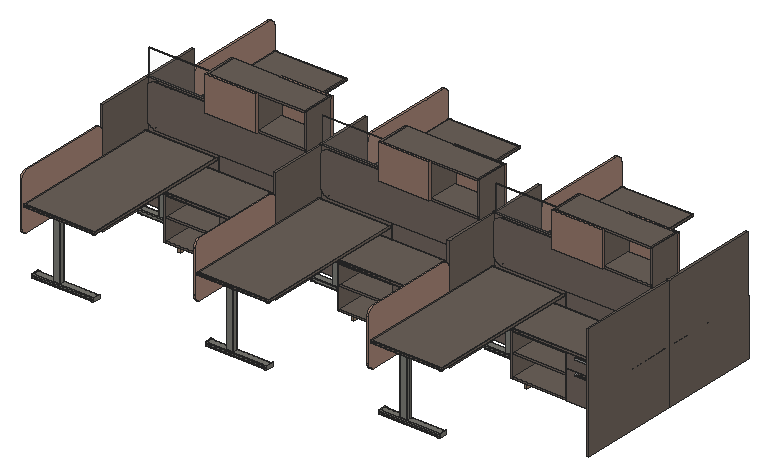
Revit family "T200210", category Furniture, Revit 2018 (continued)
Definition of nested family "STAKS OFFSET ELECTRIC ADJUSTABLE HEIGHT BASE Rectangular"
  Automatic sketch dimensions
    Extrusion 7 sketch curve to Extrusion 7 sketch curve = 0' - 0 1/8"  (x2)
    Extrusion 7 sketch curve to plane 13 = 0' - 0 1/8"
    plane 17 to Extrusion 7 sketch curve = 0' - 0 1/4"  (x2)
    plane 17 to Extrusion 7 sketch curve = 0' - 0 1/8"
    Extrusion 8 sketch curve to plane 25 = 0' - 0 1/8"
    plane 19 to Extrusion 8 sketch curve = 0' - 0 1/2"
    plane 4 "H LEG TOP" to Extrusion 8 sketch curve = 0' - 0 1/8"
    plane 4 "H LEG TOP" to Extrusion 9 sketch curve = 0' - 0"
    Extrusion 9 sketch curve to plane 23 = 0' - 0"
    Extrusion 9 sketch curve to plane 21 = 0' - 0"
    plane 4 "H LEG TOP" to Extrusion 9 sketch curve = 0' - 0 1/8"
    Extrusion 9 sketch curve to plane 21 = 0' - 0 1/8"
    plane 19 to Extrusion 9 sketch curve = 0' - 0 1/2"
    plane 4 "H LEG TOP" to Extrusion 10 sketch curve = 0' - 0"
    Extrusion 10 sketch curve to plane 24 = 0' - 0"
    Extrusion 10 sketch curve to plane 22 = 0' - 0"
    plane 19 to Extrusion 10 sketch curve = 0' - 0 1/2"
    Extrusion 10 sketch curve to plane 22 = 0' - 0 1/8"
    plane 4 "H LEG TOP" to Extrusion 10 sketch curve = 0' - 0 1/8"
    Extrusion 11 sketch curve to plane 3 "Center (Left/Right)" = 0' - 0"
    Extrusion 11 sketch curve to plane 11 = 0' - 0"
    Extrusion 11 sketch curve to plane 5 = 0' - 0"
    Extrusion 11 sketch curve to plane 10 = 0' - 0"
    Extrusion 12 sketch curve to plane 11 = 0' - 0"
    Extrusion 12 sketch curve to plane 3 "Center (Left/Right)" = 0' - 0"
    Extrusion 12 sketch curve to plane 5 = 0' - 0"
    Extrusion 12 sketch curve to plane 10 = 0' - 0"
    Extrusion 12 sketch curve to plane 5 = 0' - 0 1/4"
    plane 11 to Extrusion 12 sketch curve = 0' - 0 1/4"
    Extrusion 12 sketch curve to plane 10 = 0' - 0 1/4"  (x2)
Definition of nested family "STAKS WORKSURFACE EDGE MODESTY TFL WOOD GRAIN AND TFL SOLID COLORS Round Corners"
  Parameters (values of type "STAKS WORKSURFACE EDGE MODESTY TFL WOOD GRAIN AND TFL SOLID COLORS 24 Round Corners")
    Width = 2' - 0"
    URL = "http://www.ofs.com/"
    Model = "6-WEMKS-24/23.75"
    Manufacturer = "OFS"
    Height From Floor = 1' - 11 3/4"
    Height = 1' - 11 3/4"
    Description = "OFS STAKS WORKSURFACE EDGE MODESTY TFL WOOD GRAIN AND TFL SOLID COLORS 24\" Round Corners, Provides Privacy in the Open Plan or Private Office"
    Depth = 0' - 0 3/4"
    Copyright © = "© 2018 OFS"
    Catalog = "https://ofs.com/products/casegoods/private-office/staks"
    Panel Material = none
    Authoring Version = "Autodesk Revit Architecture 2013"
    Assembly Code = "E2020200"
  Types (9): name | Width | Model | Description
    STAKS WORKSURFACE EDGE MODESTY TFL WOOD GRAIN AND TFL SOLID COLORS 24 Round Corners | 2' - 0" | "6-WEMKS-24/23.75" | "OFS STAKS WORKSURFACE EDGE MODESTY TFL WOOD GRAIN AND TFL SOLID COLORS 24\" Round Corners, Provides Privacy in the Open Plan or Private Office"
    STAKS WORKSURFACE EDGE MODESTY TFL WOOD GRAIN AND TFL SOLID COLORS 30 Round Corners | 2' - 6" | "6-WEMKS-30/23.75" | "OFS STAKS WORKSURFACE EDGE MODESTY TFL WOOD GRAIN AND TFL SOLID COLORS 30\" Round Corners, Provides Privacy in the Open Plan or Private Office"
    STAKS WORKSURFACE EDGE MODESTY TFL WOOD GRAIN AND TFL SOLID COLORS 36 Round Corners | 3' - 0" | "6-WEMKS-36/23.75" | "OFS STAKS WORKSURFACE EDGE MODESTY TFL WOOD GRAIN AND TFL SOLID COLORS 36\" Round Corners, Provides Privacy in the Open Plan or Private Office"
    STAKS WORKSURFACE EDGE MODESTY TFL WOOD GRAIN AND TFL SOLID COLORS 42 Round Corners | 3' - 6" | "6-WEMKS-42/23.75" | "OFS STAKS WORKSURFACE EDGE MODESTY TFL WOOD GRAIN AND TFL SOLID COLORS 42\" Round Corners, Provides Privacy in the Open Plan or Private Office"
    STAKS WORKSURFACE EDGE MODESTY TFL WOOD GRAIN AND TFL SOLID COLORS 48 Round Corners | 4' - 0" | "6-WEMKS-48/23.75" | "OFS STAKS WORKSURFACE EDGE MODESTY TFL WOOD GRAIN AND TFL SOLID COLORS 48\" Round Corners, Provides Privacy in the Open Plan or Private Office"
    STAKS WORKSURFACE EDGE MODESTY TFL WOOD GRAIN AND TFL SOLID COLORS 54 Round Corners | 4' - 6" | "6-WEMKS-54/23.75" | "OFS STAKS WORKSURFACE EDGE MODESTY TFL WOOD GRAIN AND TFL SOLID COLORS 54\" Round Corners, Provides Privacy in the Open Plan or Private Office"
    STAKS WORKSURFACE EDGE MODESTY TFL WOOD GRAIN AND TFL SOLID COLORS 60 Round Corners | 5' - 0" | "6-WEMKS-60/23.75" | "OFS STAKS WORKSURFACE EDGE MODESTY TFL WOOD GRAIN AND TFL SOLID COLORS 60\" Round Corners, Provides Privacy in the Open Plan or Private Office"
    STAKS WORKSURFACE EDGE MODESTY TFL WOOD GRAIN AND TFL SOLID COLORS 66 Round Corners | 5' - 6" | "6-WEMKS-66/23.75" | "OFS STAKS WORKSURFACE EDGE MODESTY TFL WOOD GRAIN AND TFL SOLID COLORS 66\" Round Corners, Provides Privacy in the Open Plan or Private Office"
    STAKS WORKSURFACE EDGE MODESTY TFL WOOD GRAIN AND TFL SOLID COLORS 72 Round Corners | 6' - 0" | "6-WEMKS-72/23.75" | "OFS STAKS WORKSURFACE EDGE MODESTY TFL WOOD GRAIN AND TFL SOLID COLORS 72\" Round Corners, Provides Privacy in the Open Plan or Private Office"
  Reference planes (in)
    plane 1: z = 0
    plane 2 "Center (Front/Back)": y = 2.37535
    plane 3 "LEFT": x = -28.5
    plane 4 "BASE TOP": z = 23.75
    plane 5 "RIGHT": x = -4.5
    plane 6: z = 0
    plane 7: y = 2.75035
    plane 8 "CENTER": x = -16.5
    plane 9: y = 2.00035
  Forms (in)
    Extrusion 1, solid, material <- "Panel Material"
      sketch origin (0, 2.37535, 0) x (1, 0, 0) y (0, 0, 1)
        loop
          arc (-25.5, 23.75) -> (-27.62132, 22.87132) -> (-28.5, 20.75) r 3
          line (-28.5, 20.75) -> (-28.5, 3)
          arc (-28.5, 3) -> (-27.62132, 0.87868) -> (-25.5, 0) r 3
          line (-25.5, 0) -> (-7.5, 0)
          arc (-7.5, 0) -> (-5.37868, 0.87868) -> (-4.5, 3) r 3
          line (-4.5, 3) -> (-4.5, 20.75)
          arc (-4.5, 20.75) -> (-5.37868, 22.87132) -> (-7.5, 23.75) r 3
          line (-7.5, 23.75) -> (-25.5, 23.75)
      from -0.375 to 0.375
  Dimensions and locks (in)
    "Height From Floor": plane 4 "BASE TOP" to plane 1
    "Height": plane 4 "BASE TOP" to plane 6
    equal spacing: plane 3 "LEFT", plane 8 "CENTER", plane 5 "RIGHT"
    equal spacing: plane 9, plane 2 "Center (Front/Back)", plane 7
    "Width": plane 3 "LEFT" to plane 5 "RIGHT"
    "Depth": plane 9 to plane 7
    aligned and locked: level to plane 1
    aligned and locked: Extrusion 1 sketch curve to plane 4 "BASE TOP"
    aligned and locked: plane 3 "LEFT" to Extrusion 1 sketch curve
    aligned and locked: Extrusion 1 sketch curve to plane 5 "RIGHT"
    aligned and locked: Extrusion 1 to plane 6
    aligned and locked: Extrusion 1 to plane 7
    aligned and locked: Extrusion 1 to plane 9
  Automatic sketch dimensions
    plane 3 "LEFT" to Extrusion 1 sketch curve = 0' - 3"  (x2)
    Extrusion 1 sketch curve to level = 0' - 0"
    Extrusion 1 sketch curve to plane 5 "RIGHT" = 0' - 3"  (x2)
Definition of nested family "STAKS BENCHING CANTILEVER WORKSURFACE BRACKET - OPEN"
  Parameters (values of type "STAKS CANTILEVER WORKSURFACE BRACKET - OPEN 36in")
    Width = 0' - 1 1/2"
    URL = "http://www.ofs.com/"
    Model = "OWSBKT36"
    Manufacturer = "OFS"
    Height From Floor = 2' - 3 7/8"
    Height = 0' - 7"
    Description = "OFS STAKS BENCHING CANTILEVER WORKSURFACE BRACKET - Open Cantilever Worksurface Bracket for 36\"W Top"
    Depth = 2' - 4"
    Copyright © = "© 2018 OFS"
    Catalog = "https://ofs.com/products/open-plan/benching/staks"
    Bracket Material = none
    Authoring Version = "Autodesk Revit Architecture 2013"
    Assembly Code = "E2020200"
    Alpha = 0' - 1"
  Types (4): name | URL | Model | Manufacturer | Description | Depth | Copyright © | Catalog | Alpha
    CANTILEVER WORKSURFACE BRACKET - OPEN 14in | "http://www.ofsbrands.com/" | "OWSBKT14" | "FIRST OFFICE" | "OFS BRANDS FIRST OFFICE STAKS BENCHING CANTILEVER WORKSURFACE BRACKET - Open Cantilever Worksurface Bracket for 14\"W Top" | 0' - 11" | "© 2018 OFS BRANDS" | "http://www.firstoffice.com/products/crossover/staks_benching/" | 0' - 0 1/2"
    CANTILEVER WORKSURFACE BRACKET - OPEN 22in | "http://www.ofsbrands.com/" | "OWSBKT22" | "FIRST OFFICE" | "OFS BRANDS FIRST OFFICE STAKS BENCHING CANTILEVER WORKSURFACE BRACKET - Open Cantilever Worksurface Bracket for 22\"W Top" | 1' - 4" | "© 2018 OFS BRANDS" | "http://www.firstoffice.com/products/crossover/staks_benching/" | 0' - 0 5/8"
    CANTILEVER WORKSURFACE BRACKET - OPEN 30in | "http://www.ofsbrands.com/" | "OWSBKT30" | "FIRST OFFICE" | "OFS BRANDS FIRST OFFICE STAKS BENCHING CANTILEVER WORKSURFACE BRACKET - Open Cantilever Worksurface Bracket for 30\"W Top" | 1' - 10" | "© 2018 OFS BRANDS" | "http://www.firstoffice.com/products/crossover/staks_benching/" | 0' - 0 7/8"
    STAKS CANTILEVER WORKSURFACE BRACKET - OPEN 36in | "http://www.ofs.com/" | "OWSBKT36" | "OFS" | "OFS STAKS BENCHING CANTILEVER WORKSURFACE BRACKET - Open Cantilever Worksurface Bracket for 36\"W Top" | 2' - 4" | "© 2018 OFS" | "https://ofs.com/products/open-plan/benching/staks" | 0' - 1"
  Reference planes (in)
    plane 1: z = 0
    plane 2 "Center (Front/Back)": y = -11.12465
    plane 3 "LEFT": x = -17.25
    plane 4 "BASE TOP": z = 27.875
    plane 5 "RIGHT": x = -15.75
    plane 6: z = 20.875
    plane 7: y = 2.87535
    plane 8 "CENTER": x = -16.5
    plane 9: y = -25.12465
    plane 10: z = 25.875
    plane 11: y = 0.87535
    plane 12: z = 21.375
    plane 13: y = -24.62465
    plane 14: x = -16.375
    plane 15: x = -16.625
    plane 16: y = -23.62465
  Forms (in)
    Extrusion 1, solid, material <- "Bracket Material"
      sketch origin (-16.5, 0, 0) x (0, 1, 0) y (0, 0, 1)
        loop
          line (-25.12465, 27.875) -> (-25.12465, 27.82031) -> (0.8527, 27.82031) -> (2.82066, 25.85235) -> (2.82066, 20.875) -> (2.87535, 20.875) -> (2.87535, 25.875) -> (0.87535, 27.875) -> (-25.12465, 27.875)
      from -0.75 to 0.75
    Extrusion 2, solid
      sketch origin (-16.5, 0, 0) x (0, 1, 0) y (0, 0, 1)
        loop
          line (2.82066, 21.375) -> (2.82066, 21.66876) -> (-23.62465, 27.82031) -> (-24.62465, 27.82031) -> (2.82066, 21.375)
      from -0.125 to 0.125
    Extrusion 3, void
      sketch origin (0, -11.12465, 0) x (1, 0, 0) y (0, 0, 1)
        loop
          circle (-16.99183, 23.37543) r 0.09375
        loop
          circle (-16.99183, 25.56923) r 0.09375
        loop
          circle (-16.99183, 21.18077) r 0.09375
        loop
          line (-16.10192, 24.58008) -> (-16.10192, 24.41381)
          arc (-16.10192, 24.41381) -> (-16.00817, 24.32006) -> (-15.91442, 24.41381) r 0.09375
          line (-15.91442, 24.41381) -> (-15.91442, 24.58008)
          arc (-15.91442, 24.58008) -> (-16.00817, 24.67383) -> (-16.10192, 24.58008) r 0.09375
        loop
          arc (-16.10192, 22.16992) -> (-16.00817, 22.07617) -> (-15.91442, 22.16992) r 0.09375
          line (-15.91442, 22.16992) -> (-15.91442, 22.33619)
          arc (-15.91442, 22.33619) -> (-16.00817, 22.42994) -> (-16.10192, 22.33619) r 0.09375
          line (-16.10192, 22.33619) -> (-16.10192, 22.16992)
      from -14 to -3.47735
    Extrusion 4, void
      sketch origin (0, 0, 0) x (1, 0, 0) y (0, 1, 0)
        loop
          circle (-16.93617, 0.25038) r 0.09375
        loop
          circle (-16.06383, -1.74962) r 0.09375
        loop
          circle (-16.93617, -3.74962) r 0.09375
        loop
          circle (-16.06383, -5.74962) r 0.09375
        loop
          circle (-16.93617, -7.74962) r 0.09375
        loop
          circle (-16.06383, -9.74962) r 0.09375
        loop
          circle (-16.93617, -11.74962) r 0.09375
        loop
          circle (-16.06383, -13.74962) r 0.09375
        loop
          circle (-16.93617, -15.74962) r 0.09375
        loop
          circle (-16.06383, -17.74962) r 0.09375
        loop
          circle (-16.93617, -19.74962) r 0.09375
        loop
          circle (-16.06383, -21.74962) r 0.09375
        loop
          circle (-16.93617, -23.74962) r 0.09375
        loop
          circle (-16.06383, -25.74962) r 0.09375
        loop
          circle (-16.93617, -27.74962) r 0.09375
        loop
          circle (-16.06383, -29.74962) r 0.09375
      from 25.0365 to 29.23009
    Extrusion 5, void, not visible
      sketch origin (0, 0, 0) x (1, 0, 0) y (0, 1, 0)
        loop
          circle (-16.93617, 0.25038) r 0.09375
        loop
          circle (-16.06383, -1.74962) r 0.09375
        loop
          circle (-16.93617, -3.74962) r 0.09375
        loop
          circle (-16.06383, -5.74962) r 0.09375
        loop
          circle (-16.93617, -7.74962) r 0.09375
        loop
          circle (-16.06383, -9.74962) r 0.09375
        loop
          circle (-16.93617, -11.74962) r 0.09375
        loop
          circle (-16.06383, -13.74962) r 0.09375
        loop
          circle (-16.93617, -15.74962) r 0.09375
        loop
          circle (-16.06383, -17.74962) r 0.09375
        loop
          circle (-16.93617, -19.74962) r 0.09375
        loop
          circle (-16.06383, -21.74962) r 0.09375
        loop
          circle (-16.93617, -23.74962) r 0.09375
        loop
          circle (-16.06383, -25.74962) r 0.09375
        loop
          circle (-16.93617, -27.74962) r 0.09375
        loop
          circle (-16.06383, -29.74962) r 0.09375
      from 25.0365 to 29.23009
  Cuts and joins
    Extrusion 3, Extrusion 4 cuts Extrusion 1
  Dimensions and locks (in)
    "Height From Floor": plane 4 "BASE TOP" to plane 1
    "Height": plane 4 "BASE TOP" to plane 6
    equal spacing: plane 3 "LEFT", plane 8 "CENTER", plane 5 "RIGHT"
    equal spacing: plane 9, plane 2 "Center (Front/Back)", plane 7
    "Width": plane 3 "LEFT" to plane 5 "RIGHT"
    "Depth": plane 9 to plane 7
    locked: plane 4 "BASE TOP" to plane 10 at 2
    locked: plane 7 to plane 11 at 2
    locked: plane 13 to plane 9 at 0.5
    locked: plane 6 to plane 12 at 0.5
    plane 14 to plane 8 "CENTER" to plane 15 = 0' - 0 1/8" locked, 0' - 0 1/8" locked
    "Alpha": plane 16 to plane 13
    aligned and locked: level to plane 1
    aligned and locked: Extrusion 1 sketch curve to plane 4 "BASE TOP"
    aligned and locked: plane 7 to Extrusion 1 sketch curve
    aligned and locked: plane 9 to Extrusion 1 sketch curve
    aligned and locked: plane 6 to Extrusion 1 sketch curve
    aligned and locked: Extrusion 1 to plane 3 "LEFT"
    aligned and locked: plane 5 "RIGHT" to Extrusion 1
    aligned and locked: Extrusion 2 sketch curve to Extrusion 1
    aligned and locked: plane 15 to Extrusion 2
    aligned and locked: plane 14 to Extrusion 2
    aligned and locked: Extrusion 1 to Extrusion 2 sketch curve
    aligned and locked: Extrusion 3 to plane 7
  Automatic sketch dimensions
    plane 7 to Extrusion 1 sketch curve = 0' - 0 7/128"
    Extrusion 1 sketch curve to plane 11 = 0' - 0"
    plane 10 to Extrusion 1 sketch curve = 0' - 0"
    plane 11 to Extrusion 1 sketch curve = 0' - 0.02265"
    plane 10 to Extrusion 1 sketch curve = 0' - 0.02265"
    plane 4 "BASE TOP" to Extrusion 1 sketch curve = 0' - 0 7/128"
    Extrusion 2 sketch curve to plane 13 = 0' - 0"
    plane 12 to Extrusion 2 sketch curve = 0' - 0"
    Extrusion 2 sketch curve to plane 16 = 0' - 0"
    Extrusion 2 sketch curve to Extrusion 2 sketch curve = 0' - 0.29376"
    plane 14 to Extrusion 3 sketch curve = 0' - 0.27308"
    Extrusion 3 sketch curve to plane 5 "RIGHT" = 0' - 0.16442"  (x2)
    Extrusion 3 sketch curve to plane 12 = 0' - 0.79492"
    Extrusion 3 sketch curve to Extrusion 3 sketch curve = 0' - 0 3/16"
    plane 3 "LEFT" to Extrusion 3 sketch curve = 0' - 0.25817"  (x3)
    Extrusion 3 sketch curve to Extrusion 3 sketch curve = 0' - 0.16626"  (x2)
    plane 10 to Extrusion 3 sketch curve = 0' - 1.46119"
    plane 12 to Extrusion 3 sketch curve = 0' - 0.19423"
    Extrusion 3 sketch curve to Extrusion 3 sketch curve = 0' - 1.03838"
    plane 10 to Extrusion 3 sketch curve = 0' - 0.30577"
    Extrusion 4 sketch curve to Extrusion 4 sketch curve = 0' - 2"  (x15)
    Extrusion 4 sketch curve to Extrusion 4 sketch curve = 0' - 0"  (x7)
    Extrusion 4 sketch curve to Extrusion 4 sketch curve = 0' - 0.87233"  (x8)
    Extrusion 5 sketch curve to Extrusion 5 sketch curve = 0' - 2"  (x15)
    Extrusion 5 sketch curve to Extrusion 5 sketch curve = 0' - 0"  (x7)
    Extrusion 5 sketch curve to Extrusion 5 sketch curve = 0' - 0.87233"  (x8)
    radius of Extrusion 3 sketch curve = 0' - 0 3/32"  (x3)
    radius of Extrusion 4 sketch curve = 0' - 0 3/32"  (x16)
    radius of Extrusion 5 sketch curve = 0' - 0 3/32"  (x16)
